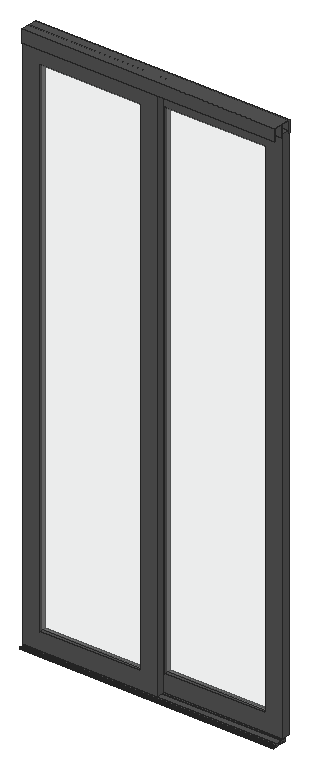
Revit family "Door_FTS RD_The Sliding Door Company_2-Panel Double Track (Double Recessed)", category Doors, host Wall, Revit 2019
Family settings
  Host = Wall
  OmniClass Number = 23.30.10.00
  OmniClass Title = Doors
  Always vertical = Yes
  Cut with Voids When Loaded = No
  Shared = No
  Room Calculation Point = No
Parameters (values of type "FTS Room Divider - 2 Panel 2 Track (Double Recessed) - AB/BA")
  Upper Track Material [instance] = TSDC - Casing/Upper Track - Powder Coated Black
  URL = "https://www.slidingdoorco.com"
  Thickness = 1 1/4"  # constant formula
  Stile and Rail = 3"
  Rough Width = Finished Opening Width + 5/8" * 2  # 46 1/4"
  Rough Height = Order Height + 5/8"  # 99 1/8"
  Panel Width 3" Frame = Width / 2 + 1 1/2"  # 24"
  Panel Width 1 1/2" Frame = Width / 2 + 3/4"  # 23 1/4"
  Panel Height = Height - 2 1/4"  # 96 1/4"
  Open [instance] = no
  Model = "FTS Room Divider - Full Height System"  # constant formula
  Manufacturer = "The Sliding Door Company"  # constant formula
  Limitations = "Panel Width x System Height cannot exceed 7,400 square inches"  # constant formula
  Glass Thickness = "Available in: 5mm Tempered, 7mm,10mm,11mm Laminated Glass"  # constant formula
  Glass Material [instance] = TSDC - Glass - Clear
  Function = Interior
  Height = if(Order Height > 122", 122", Order Height)  # 98 1/2"
  Wall Closure = By host
  Width = if(Finished Opening Width > 101", 101", Finished Opening Width)  # 45"
  Fire Rating = "N/A"  # constant formula
  Finished Opening Width = 45"
  Order Height = Finished Opening Height + 2 1/8" + 3/8"  # 98 1/2"
  Finished Opening Height = 96"
  Door Casing Material [instance] = TSDC - Casing/Upper Track - Powder Coated Black
  Description = "2 Panel System with Double Track (Double Recessed)"  # constant formula
  Contact The Sliding Door Company = "https://www.slidingdoorco.com/contact"
  Construction Type = "Top Mounted, Recessed Upper Track, Recessed Bottom Track"  # constant formula
  Configuration = "AB/BA Configuration"  # constant formula
  Closed [instance] = not(Open)  # yes
  Bottom Track Material [instance] = TSDC - Bottom Track - Powder Coated Black
  Analytic Construction = "<None>"
  3" Frame (No Support Dividers) = "Max. H=122 in., Max. W=101 in. (52 in. panel width)"  # constant formula
  1 1/2" Frame (No Support Dividers) = "Max. H=108 in., Max. W=97 in. (50 in. panel width)"  # constant formula
Reference planes (in)
  plane 1 "Center (Front/Back)": y = 0
  plane 2 "Center (Left/Right)": x = 0
  plane 3 "Top": z = 98.125
  plane 4 "Exterior": y = 6
  plane 5 "Interior": y = -6
  plane 6: x = -22.5
  plane 7: x = 22.5
  plane 8 "2": z = 96.5
  plane 9 "3": z = 97.375
  plane 10 "Top": z = 96
  plane 11 "2": z = 94.375
  plane 12 "3": z = 95.25
  plane 13 "Top": z = 96
  plane 14 "2": z = 94.375
  plane 15 "3": z = 95.25
  plane 16 "Top": z = 80
  plane 17: x = -50
  plane 18: x = 50
  plane 19 "2": z = 78.375
  plane 20 "3": z = 79.25
  plane 21: x = -1.5
  plane 22: x = 1.5
  plane 23 "4": z = 96
  plane 24: z = -0.375
  plane 25: z = 0.25
Forms (in)
  Extrusion 1, solid, material "TSDC - Casing/Upper Track - Powder Coated Black" <- "Upper Track Material"
    sketch origin (0, -3.1543, 0) x (0, 1, 0) y (0, 0, 1)
      loop
        line (4.74219, 98.125) -> (1.56641, 98.125) -> (1.56641, 96) -> (1.625, 96) -> (1.625, 98.06641) -> (3.125, 98.06641) -> (3.125, 96) -> (3.18359, 96) -> (3.18359, 98.06641) -> (4.68359, 98.06641) -> (4.68359, 96) -> (4.74219, 96) -> (4.74219, 98.125)
    from -22.5 to 22.5
  Extrusion 2, solid, material "TSDC - Casing/Upper Track - Powder Coated Black" <- "Door Casing Material", visible <- "Closed"
    sketch origin (47.66587, -1.5957, 0) x (1, 0, 0) y (0, 0, 1)
      loop
        line (-25.16587, 96.5) -> (-49.16587, 96.5) -> (-49.16587, 0.25) -> (-25.16587, 0.25) -> (-25.16587, 96.5)
      loop
        line (-28.16587, 93.5) -> (-46.16587, 93.5) -> (-46.16587, 3.25) -> (-28.16587, 3.25) -> (-28.16587, 93.5)
    from -3 to -1.75
  Extrusion 3, solid, material "TSDC - Glass - Clear" <- "Glass Material", visible <- "Closed"
    sketch origin (47.66587, -2.0957, 0) x (1, 0, 0) y (0, 0, 1)
      loop
        line (-28.16587, 93.5) -> (-46.16587, 93.5) -> (-46.16587, 3.25) -> (-28.16587, 3.25) -> (-28.16587, 93.5)
    from -3 to -2.75
  Extrusion 4, solid, material "TSDC - Casing/Upper Track - Powder Coated Black", not visible
    sketch origin (0, 0.8784, 0.00198) x (0, 1, 0) y (0, 0, 1)
      loop
        line (1.17662, -0.00198) -> (1.7466, -0.00198) -> (1.7466, 0.11422) -> (1.63872, 0.16601) -> (1.5898, 0.16) -> (1.58595, 0.19134) -> (1.49638, 0.23434) -> (1.44746, 0.22833) -> (1.44362, 0.25967) -> (1.35493, 0.30224) -> (1.30601, 0.29623) -> (1.30216, 0.32757) -> (1.21825, 0.36785)
        arc (1.21825, 0.36785) -> (1.19583, 0.37043) -> (1.17662, 0.35859) r 0.03449
        line (1.17662, 0.35859) -> (1.17662, 0.26961) -> (1.14379, 0.26961) -> (1.14379, 0.30227) -> (1.11271, 0.30227) -> (1.11271, 0.05752) -> (1.14379, 0.05752) -> (1.14379, 0.08934) -> (1.17662, 0.08934) -> (1.17662, -0.00198)
      loop
        line (1.6966, 0.05) -> (1.6966, 0.08276) -> (1.2346, 0.30454) -> (1.2346, 0.05) -> (1.6966, 0.05)
    from -50 to 50
  Extrusion 5, solid, material "TSDC - Casing/Upper Track - Powder Coated Black", not visible
    sketch origin (0, 0.8784, 0.00198) x (0, 1, 0) y (0, 0, 1)
      loop
        arc (1.17662, 0.34104) -> (1.17081, 0.35508) -> (1.15677, 0.36093) r 0.01985
        line (1.15677, 0.36093) -> (1.07541, 0.36093)
        arc (1.07541, 0.36093) -> (1.06136, 0.3551) -> (1.05556, 0.34103) r 0.01985
        line (1.05556, 0.34103) -> (1.05556, 0.20299) -> (0.9831, 0.20299) -> (0.9831, 0.28602)
        arc (0.9831, 0.28602) -> (0.87384, 0.39506) -> (0.76472, 0.28588) r 0.10919
        line (0.76472, 0.28588) -> (0.82428, 0.28588)
        arc (0.82428, 0.28588) -> (0.87397, 0.3355) -> (0.92354, 0.28575) r 0.04963
        line (0.92354, 0.28575) -> (0.92354, 0.14753) -> (1.05556, 0.10767) -> (1.05556, 0.05757) -> (0.38753, 0.05757) -> (0.38753, 0.36093) -> (-0.56932, 0.36093) -> (-0.56932, 0.20299) -> (-0.64178, 0.20299) -> (-0.64178, 0.28602)
        arc (-0.64178, 0.28602) -> (-0.75104, 0.39506) -> (-0.86016, 0.28588) r 0.10919
        line (-0.86016, 0.28588) -> (-0.8006, 0.28588)
        arc (-0.8006, 0.28588) -> (-0.75091, 0.3355) -> (-0.70134, 0.28575) r 0.04963
        line (-0.70134, 0.28575) -> (-0.70134, 0.14753) -> (-0.56932, 0.10767) -> (-0.56932, 0.05757) -> (-1.23735, 0.05757) -> (-1.23735, 0.36093) -> (-2.19421, 0.36093) -> (-2.19421, 0.20299) -> (-2.26667, 0.20299) -> (-2.26667, 0.28602)
        arc (-2.26667, 0.28602) -> (-2.37592, 0.39506) -> (-2.48504, 0.28588) r 0.10919
        line (-2.48504, 0.28588) -> (-2.42548, 0.28588)
        arc (-2.42548, 0.28588) -> (-2.37579, 0.3355) -> (-2.32622, 0.28575) r 0.04963
        line (-2.32622, 0.28575) -> (-2.32622, 0.14753) -> (-2.19421, 0.10767) -> (-2.19421, 0.05757) -> (-2.86223, 0.05757) -> (-2.86223, 0.34103)
        arc (-2.86223, 0.34103) -> (-2.86803, 0.3551) -> (-2.88208, 0.36093) r 0.01985
        line (-2.88208, 0.36093) -> (-2.96344, 0.36093)
        arc (-2.96344, 0.36093) -> (-2.97751, 0.35509) -> (-2.9833, 0.341) r 0.01985
        line (-2.9833, 0.341) -> (-2.9833, 0.26961) -> (-2.95059, 0.26961) -> (-2.95059, 0.30227) -> (-2.91939, 0.30227) -> (-2.91939, 0.05752) -> (-2.95046, 0.05752) -> (-2.95046, 0.08934) -> (-2.9833, 0.08934) -> (-2.9833, -0.00198) -> (-2.13705, -0.00198) -> (-2.10598, 0.05752) -> (-2.13705, 0.05752) -> (-2.13705, 0.30227) -> (-1.29451, 0.30227) -> (-1.29451, 0.05752) -> (-1.32558, 0.05752) -> (-1.29451, -0.00198) -> (-0.51217, -0.00198) -> (-0.4811, 0.05752) -> (-0.51217, 0.05752) -> (-0.51217, 0.30227) -> (0.33038, 0.30227) -> (0.33038, 0.05752) -> (0.2993, 0.05752) -> (0.33038, -0.00198) -> (1.17662, -0.00198) -> (1.17662, 0.08934) -> (1.14379, 0.08934) -> (1.14379, 0.05752) -> (1.11271, 0.05752) -> (1.11271, 0.30227) -> (1.14379, 0.30227) -> (1.14379, 0.26961) -> (1.17662, 0.26961) -> (1.17662, 0.34104)
    from -50 to 50
  Extrusion 6, solid, material "TSDC - Casing/Upper Track - Powder Coated Black", not visible
    sketch origin (0, -0.92827, 0.00198) x (0, -1, 0) y (0, 0, -1)
      loop
        line (1.17662, 0.00198) -> (1.17662, -0.08934) -> (1.14379, -0.08934) -> (1.14379, -0.05752) -> (1.11271, -0.05752) -> (1.11271, -0.30227) -> (1.14379, -0.30227) -> (1.14379, -0.26961) -> (1.17662, -0.26961) -> (1.17662, -0.35859)
        arc (1.17662, -0.35859) -> (1.19583, -0.37043) -> (1.21825, -0.36785) r 0.03449
        line (1.21825, -0.36785) -> (1.30216, -0.32757) -> (1.30601, -0.29623) -> (1.35493, -0.30224) -> (1.44362, -0.25967) -> (1.44746, -0.22833) -> (1.49638, -0.23434) -> (1.58595, -0.19134) -> (1.5898, -0.16) -> (1.63872, -0.16601) -> (1.7466, -0.11422) -> (1.7466, 0.00198) -> (1.17662, 0.00198)
      loop
        line (1.6966, -0.05) -> (1.2346, -0.05) -> (1.2346, -0.30454) -> (1.6966, -0.08276) -> (1.6966, -0.05)
    from -50 to 50
  Extrusion 7, solid, material "TSDC - Casing/Upper Track - Powder Coated Black", not visible
    sketch origin (0, 1.25781, 0) x (0, 1, 0) y (0, 0, 1)
      loop
        line (1.74219, 96) -> (-2.99219, 96) -> (-2.99219, 93.875) -> (-2.93359, 93.875) -> (-2.93359, 95.94141) -> (-1.43359, 95.94141) -> (-1.43359, 93.875) -> (-1.375, 93.875) -> (-1.375, 95.94141) -> (0.125, 95.94141) -> (0.125, 93.875) -> (0.18359, 93.875) -> (0.18359, 95.94141) -> (1.68359, 95.94141) -> (1.68359, 93.875) -> (1.74219, 93.875) -> (1.74219, 96)
    from -50 to 50
  Extrusion 8, solid, material "TSDC - Casing/Upper Track - Powder Coated Black", visible <- "Open", not visible
    sketch origin (-18.0008, 2.81641, 0) x (1, 0, 0) y (0, 0, 1)
      loop
        line (2.33413, 94.375) -> (-31.9992, 94.375) -> (-31.9992, 0.625) -> (2.33413, 0.625) -> (2.33413, 94.375)
      loop
        line (0.83413, 92.875) -> (-30.4992, 92.875) -> (-30.4992, 2.125) -> (0.83413, 2.125) -> (0.83413, 92.875)
    from 0 to 1.25
  Extrusion 9, solid, material "TSDC - Glass - Clear", visible <- "Open", not visible
    sketch origin (-18.0008, 2.31641, 0) x (1, 0, 0) y (0, 0, 1)
      loop
        line (0.83413, 92.875) -> (-30.4992, 92.875) -> (-30.4992, 2.125) -> (0.83413, 2.125) -> (0.83413, 92.875)
    from 0 to 0.25
  Extrusion 10, solid, material "TSDC - Casing/Upper Track - Powder Coated Black", visible <- "Open", not visible
    sketch origin (-44.66746, 1.25781, 0) x (1, 0, 0) y (0, 0, 1)
      loop
        line (29.0008, 94.375) -> (-5.33254, 94.375) -> (-5.33254, 0.625) -> (29.0008, 0.625) -> (29.0008, 94.375)
      loop
        line (27.5008, 92.875) -> (-3.83254, 92.875) -> (-3.83254, 2.125) -> (27.5008, 2.125) -> (27.5008, 92.875)
    from 0 to 1.25
  Extrusion 11, solid, material "TSDC - Glass - Clear", visible <- "Open", not visible
    sketch origin (-44.66746, 0.75781, 0) x (1, 0, 0) y (0, 0, 1)
      loop
        line (27.5008, 92.875) -> (-3.83254, 92.875) -> (-3.83254, 2.125) -> (27.5008, 2.125) -> (27.5008, 92.875)
    from 0 to 0.25
  Extrusion 12, solid, material "TSDC - Casing/Upper Track - Powder Coated Black", visible <- "Open", not visible
    sketch origin (-71.33413, -0.30078, 0) x (1, 0, 0) y (0, 0, 1)
      loop
        line (55.66746, 94.375) -> (21.33413, 94.375) -> (21.33413, 0.625) -> (55.66746, 0.625) -> (55.66746, 94.375)
      loop
        line (54.16746, 92.875) -> (22.83413, 92.875) -> (22.83413, 2.125) -> (54.16746, 2.125) -> (54.16746, 92.875)
    from 0 to 1.25
  Extrusion 13, solid, material "TSDC - Glass - Clear", visible <- "Open", not visible
    sketch origin (-71.33413, -0.80078, 0) x (1, 0, 0) y (0, 0, 1)
      loop
        line (54.16746, 92.875) -> (22.83413, 92.875) -> (22.83413, 2.125) -> (54.16746, 2.125) -> (54.16746, 92.875)
    from 0 to 0.25
  Extrusion 14, solid, material "TSDC - Casing/Upper Track - Powder Coated Black", visible <- "Closed", not visible
    sketch origin (-11.83413, 1.25781, 0) x (1, 0, 0) y (0, 0, 1)
      loop
        line (29.0008, 94.375) -> (-5.33254, 94.375) -> (-5.33254, 0.625) -> (29.0008, 0.625) -> (29.0008, 94.375)
      loop
        line (27.5008, 92.875) -> (-3.83254, 92.875) -> (-3.83254, 2.125) -> (27.5008, 2.125) -> (27.5008, 92.875)
    from 0 to 1.25
  Extrusion 15, solid, material "TSDC - Glass - Clear", visible <- "Closed", not visible
    sketch origin (-11.83413, 0.75781, 0) x (1, 0, 0) y (0, 0, 1)
      loop
        line (27.5008, 92.875) -> (-3.83254, 92.875) -> (-3.83254, 2.125) -> (27.5008, 2.125) -> (27.5008, 92.875)
    from 0 to 0.25
  Extrusion 16, solid, material "TSDC - Casing/Upper Track - Powder Coated Black", visible <- "Closed", not visible
    sketch origin (47.66587, 2.81641, 0) x (1, 0, 0) y (0, 0, 1)
      loop
        line (2.33413, 94.375) -> (-31.9992, 94.375) -> (-31.9992, 0.625) -> (2.33413, 0.625) -> (2.33413, 94.375)
      loop
        line (0.83413, 92.875) -> (-30.4992, 92.875) -> (-30.4992, 2.125) -> (0.83413, 2.125) -> (0.83413, 92.875)
    from 0 to 1.25
  Extrusion 17, solid, material "TSDC - Glass - Clear", visible <- "Closed", not visible
    sketch origin (47.66587, 2.31641, 0) x (1, 0, 0) y (0, 0, 1)
      loop
        line (0.83413, 92.875) -> (-30.4992, 92.875) -> (-30.4992, 2.125) -> (0.83413, 2.125) -> (0.83413, 92.875)
    from 0 to 0.25
  Extrusion 18, solid, material "TSDC - Casing/Upper Track - Powder Coated Black", visible <- "Closed", not visible
    sketch origin (-71.33413, -0.30078, 0) x (1, 0, 0) y (0, 0, 1)
      loop
        line (55.66746, 94.375) -> (21.33413, 94.375) -> (21.33413, 0.625) -> (55.66746, 0.625) -> (55.66746, 94.375)
      loop
        line (54.16746, 92.875) -> (22.83413, 92.875) -> (22.83413, 2.125) -> (54.16746, 2.125) -> (54.16746, 92.875)
    from 0 to 1.25
  Extrusion 19, solid, material "TSDC - Glass - Clear", visible <- "Closed", not visible
    sketch origin (-71.33413, -0.80078, 0) x (1, 0, 0) y (0, 0, 1)
      loop
        line (54.16746, 92.875) -> (22.83413, 92.875) -> (22.83413, 2.125) -> (54.16746, 2.125) -> (54.16746, 92.875)
    from 0 to 0.25
  Extrusion 20, solid, material "TSDC - Casing/Upper Track - Powder Coated Black", not visible
    sketch origin (0, 1.25781, 0) x (0, 1, 0) y (0, 0, 1)
      loop
        line (1.74219, 96) -> (-2.99219, 96) -> (-2.99219, 93.875) -> (-2.93359, 93.875) -> (-2.93359, 95.94141) -> (-1.43359, 95.94141) -> (-1.43359, 93.875) -> (-1.375, 93.875) -> (-1.375, 95.94141) -> (0.125, 95.94141) -> (0.125, 93.875) -> (0.18359, 93.875) -> (0.18359, 95.94141) -> (1.68359, 95.94141) -> (1.68359, 93.875) -> (1.74219, 93.875) -> (1.74219, 96)
    from -50 to 50
  Extrusion 21, solid, material "TSDC - Casing/Upper Track - Powder Coated Black", not visible
    sketch origin (0, 1.25781, 0) x (0, 1, 0) y (0, 0, 1)
      loop
        line (1.74219, 96) -> (-2.99219, 96) -> (-2.99219, 93.875) -> (-2.93359, 93.875) -> (-2.93359, 95.94141) -> (-1.43359, 95.94141) -> (-1.43359, 93.875) -> (-1.375, 93.875) -> (-1.375, 95.94141) -> (0.125, 95.94141) -> (0.125, 93.875) -> (0.18359, 93.875) -> (0.18359, 95.94141) -> (1.68359, 95.94141) -> (1.68359, 93.875) -> (1.74219, 93.875) -> (1.74219, 96)
    from -50 to 50
  Extrusion 22, solid, material "TSDC - Casing/Upper Track - Powder Coated Black", not visible
    sketch origin (0, 1.25781, 0) x (0, 1, 0) y (0, 0, 1)
      loop
        line (1.74219, 96) -> (-2.99219, 96) -> (-2.99219, 93.875) -> (-2.93359, 93.875) -> (-2.93359, 95.94141) -> (-1.43359, 95.94141) -> (-1.43359, 93.875) -> (-1.375, 93.875) -> (-1.375, 95.94141) -> (0.125, 95.94141) -> (0.125, 93.875) -> (0.18359, 93.875) -> (0.18359, 95.94141) -> (1.68359, 95.94141) -> (1.68359, 93.875) -> (1.74219, 93.875) -> (1.74219, 96)
    from -50 to 50
  Extrusion 23, solid, material "TSDC - Casing/Upper Track - Powder Coated Black", not visible
    sketch origin (0, 0.8784, 0.00198) x (0, 1, 0) y (0, 0, 1)
      loop
        line (1.17662, -0.00198) -> (1.7466, -0.00198) -> (1.7466, 0.11422) -> (1.63872, 0.16601) -> (1.5898, 0.16) -> (1.58595, 0.19134) -> (1.49638, 0.23434) -> (1.44746, 0.22833) -> (1.44362, 0.25967) -> (1.35493, 0.30224) -> (1.30601, 0.29623) -> (1.30216, 0.32757) -> (1.21825, 0.36785)
        arc (1.21825, 0.36785) -> (1.19583, 0.37043) -> (1.17662, 0.35859) r 0.03449
        line (1.17662, 0.35859) -> (1.17662, 0.26961) -> (1.14379, 0.26961) -> (1.14379, 0.30227) -> (1.11271, 0.30227) -> (1.11271, 0.05752) -> (1.14379, 0.05752) -> (1.14379, 0.08934) -> (1.17662, 0.08934) -> (1.17662, -0.00198)
      loop
        line (1.6966, 0.05) -> (1.6966, 0.08276) -> (1.2346, 0.30454) -> (1.2346, 0.05) -> (1.6966, 0.05)
    from -50 to 50
  Extrusion 24, solid, material "TSDC - Casing/Upper Track - Powder Coated Black", not visible
    sketch origin (0, 0.8784, 0.00198) x (0, 1, 0) y (0, 0, 1)
      loop
        arc (1.17662, 0.34104) -> (1.17081, 0.35508) -> (1.15677, 0.36093) r 0.01985
        line (1.15677, 0.36093) -> (1.07541, 0.36093)
        arc (1.07541, 0.36093) -> (1.06136, 0.3551) -> (1.05556, 0.34103) r 0.01985
        line (1.05556, 0.34103) -> (1.05556, 0.20299) -> (0.9831, 0.20299) -> (0.9831, 0.28602)
        arc (0.9831, 0.28602) -> (0.87384, 0.39506) -> (0.76472, 0.28588) r 0.10919
        line (0.76472, 0.28588) -> (0.82428, 0.28588)
        arc (0.82428, 0.28588) -> (0.87397, 0.3355) -> (0.92354, 0.28575) r 0.04963
        line (0.92354, 0.28575) -> (0.92354, 0.14753) -> (1.05556, 0.10767) -> (1.05556, 0.05757) -> (0.38753, 0.05757) -> (0.38753, 0.36093) -> (-0.56932, 0.36093) -> (-0.56932, 0.20299) -> (-0.64178, 0.20299) -> (-0.64178, 0.28602)
        arc (-0.64178, 0.28602) -> (-0.75104, 0.39506) -> (-0.86016, 0.28588) r 0.10919
        line (-0.86016, 0.28588) -> (-0.8006, 0.28588)
        arc (-0.8006, 0.28588) -> (-0.75091, 0.3355) -> (-0.70134, 0.28575) r 0.04963
        line (-0.70134, 0.28575) -> (-0.70134, 0.14753) -> (-0.56932, 0.10767) -> (-0.56932, 0.05757) -> (-1.23735, 0.05757) -> (-1.23735, 0.36093) -> (-2.19421, 0.36093) -> (-2.19421, 0.20299) -> (-2.26667, 0.20299) -> (-2.26667, 0.28602)
        arc (-2.26667, 0.28602) -> (-2.37592, 0.39506) -> (-2.48504, 0.28588) r 0.10919
        line (-2.48504, 0.28588) -> (-2.42548, 0.28588)
        arc (-2.42548, 0.28588) -> (-2.37579, 0.3355) -> (-2.32622, 0.28575) r 0.04963
        line (-2.32622, 0.28575) -> (-2.32622, 0.14753) -> (-2.19421, 0.10767) -> (-2.19421, 0.05757) -> (-2.86223, 0.05757) -> (-2.86223, 0.34103)
        arc (-2.86223, 0.34103) -> (-2.86803, 0.3551) -> (-2.88208, 0.36093) r 0.01985
        line (-2.88208, 0.36093) -> (-2.96344, 0.36093)
        arc (-2.96344, 0.36093) -> (-2.97751, 0.35509) -> (-2.9833, 0.341) r 0.01985
        line (-2.9833, 0.341) -> (-2.9833, 0.26961) -> (-2.95059, 0.26961) -> (-2.95059, 0.30227) -> (-2.91939, 0.30227) -> (-2.91939, 0.05752) -> (-2.95046, 0.05752) -> (-2.95046, 0.08934) -> (-2.9833, 0.08934) -> (-2.9833, -0.00198) -> (-2.13705, -0.00198) -> (-2.10598, 0.05752) -> (-2.13705, 0.05752) -> (-2.13705, 0.30227) -> (-1.29451, 0.30227) -> (-1.29451, 0.05752) -> (-1.32558, 0.05752) -> (-1.29451, -0.00198) -> (-0.51217, -0.00198) -> (-0.4811, 0.05752) -> (-0.51217, 0.05752) -> (-0.51217, 0.30227) -> (0.33038, 0.30227) -> (0.33038, 0.05752) -> (0.2993, 0.05752) -> (0.33038, -0.00198) -> (1.17662, -0.00198) -> (1.17662, 0.08934) -> (1.14379, 0.08934) -> (1.14379, 0.05752) -> (1.11271, 0.05752) -> (1.11271, 0.30227) -> (1.14379, 0.30227) -> (1.14379, 0.26961) -> (1.17662, 0.26961) -> (1.17662, 0.34104)
    from -50 to 50
  Extrusion 25, solid, material "TSDC - Casing/Upper Track - Powder Coated Black", not visible
    sketch origin (0, -0.92827, 0.00198) x (0, -1, 0) y (0, 0, -1)
      loop
        line (1.17662, 0.00198) -> (1.17662, -0.08934) -> (1.14379, -0.08934) -> (1.14379, -0.05752) -> (1.11271, -0.05752) -> (1.11271, -0.30227) -> (1.14379, -0.30227) -> (1.14379, -0.26961) -> (1.17662, -0.26961) -> (1.17662, -0.35859)
        arc (1.17662, -0.35859) -> (1.19583, -0.37043) -> (1.21825, -0.36785) r 0.03449
        line (1.21825, -0.36785) -> (1.30216, -0.32757) -> (1.30601, -0.29623) -> (1.35493, -0.30224) -> (1.44362, -0.25967) -> (1.44746, -0.22833) -> (1.49638, -0.23434) -> (1.58595, -0.19134) -> (1.5898, -0.16) -> (1.63872, -0.16601) -> (1.7466, -0.11422) -> (1.7466, 0.00198) -> (1.17662, 0.00198)
      loop
        line (1.6966, -0.05) -> (1.2346, -0.05) -> (1.2346, -0.30454) -> (1.6966, -0.08276) -> (1.6966, -0.05)
    from -50 to 50
  Extrusion 26, solid, material "TSDC - Casing/Upper Track - Powder Coated Black", not visible
    sketch origin (0, 1.25781, -16) x (0, 1, 0) y (0, 0, 1)
      loop
        line (1.74219, 96) -> (-2.99219, 96) -> (-2.99219, 93.875) -> (-2.93359, 93.875) -> (-2.93359, 95.94141) -> (-1.43359, 95.94141) -> (-1.43359, 93.875) -> (-1.375, 93.875) -> (-1.375, 95.94141) -> (0.125, 95.94141) -> (0.125, 93.875) -> (0.18359, 93.875) -> (0.18359, 95.94141) -> (1.68359, 95.94141) -> (1.68359, 93.875) -> (1.74219, 93.875) -> (1.74219, 96)
    from -50 to 50
  Extrusion 27, solid, material "TSDC - Casing/Upper Track - Powder Coated Black" <- "Door Casing Material", visible <- "Closed"
    sketch origin (-47.66587, -3.1543, 0) x (-1, 0, 0) y (0, 0, -1)
      loop
        line (-25.16587, -96.5) -> (-25.16587, -0.25) -> (-49.16587, -0.25) -> (-49.16587, -96.5) -> (-25.16587, -96.5)
      loop
        line (-28.16587, -93.5) -> (-28.16587, -3.25) -> (-46.16587, -3.25) -> (-46.16587, -93.5) -> (-28.16587, -93.5)
    from -3 to -1.75
  Extrusion 28, solid, material "TSDC - Glass - Clear" <- "Glass Material", visible <- "Closed"
    sketch origin (-47.66587, -3.6543, 0) x (-1, 0, 0) y (0, 0, -1)
      loop
        line (-28.16587, -93.5) -> (-28.16587, -3.25) -> (-46.16587, -3.25) -> (-46.16587, -93.5) -> (-28.16587, -93.5)
    from -3 to -2.75
  Extrusion 29, solid, material "TSDC - Bottom Track - Powder Coated Black" <- "Bottom Track Material"
    sketch origin (0, -0.53371, -0.37302) x (0, 1, 0) y (0, 0, 1)
      loop
        line (1.17662, 0.26961) -> (1.17662, 0.34104)
        arc (1.17662, 0.34104) -> (1.17081, 0.35508) -> (1.15677, 0.36089) r 0.01985
        line (1.15677, 0.36089) -> (1.07541, 0.36093)
        arc (1.07541, 0.36093) -> (1.06136, 0.3551) -> (1.05556, 0.34103) r 0.01985
        line (1.05556, 0.34103) -> (1.05556, 0.20299) -> (0.9831, 0.20299) -> (0.9831, 0.28602)
        arc (0.9831, 0.28602) -> (0.87384, 0.39506) -> (0.76472, 0.28588) r 0.10919
        line (0.76472, 0.28588) -> (0.82428, 0.28588)
        arc (0.82428, 0.28588) -> (0.87397, 0.3355) -> (0.92354, 0.28575) r 0.04963
        line (0.92354, 0.28575) -> (0.92354, 0.14753) -> (1.05556, 0.10767) -> (1.05556, 0.05757) -> (0.38753, 0.05757) -> (0.38753, 0.36093) -> (-0.56932, 0.36093) -> (-0.56932, 0.20299) -> (-0.64178, 0.20299) -> (-0.64178, 0.28602)
        arc (-0.64178, 0.28602) -> (-0.75104, 0.39506) -> (-0.86016, 0.28588) r 0.10919
        line (-0.86016, 0.28588) -> (-0.8006, 0.28588)
        arc (-0.8006, 0.28588) -> (-0.75091, 0.3355) -> (-0.70134, 0.28575) r 0.04963
        line (-0.70134, 0.28575) -> (-0.70134, 0.14753) -> (-0.56932, 0.10767) -> (-0.56932, 0.05757) -> (-1.23735, 0.05757) -> (-1.23735, 0.34103)
        arc (-1.23735, 0.34103) -> (-1.24315, 0.3551) -> (-1.2572, 0.36093) r 0.01985
        line (-1.2572, 0.36093) -> (-1.33856, 0.36093)
        arc (-1.33856, 0.36093) -> (-1.35263, 0.35509) -> (-1.35841, 0.341) r 0.01985
        line (-1.35841, 0.341) -> (-1.35841, 0.26961) -> (-1.32571, 0.26961) -> (-1.32571, 0.30227) -> (-1.29451, 0.30227) -> (-1.29451, 0.05752) -> (-1.32558, 0.05752) -> (-1.32558, 0.08934) -> (-1.35841, 0.08934) -> (-1.35841, -0.00198) -> (-0.51217, -0.00198) -> (-0.4811, 0.05752) -> (-0.51217, 0.05752) -> (-0.51217, 0.30227) -> (0.33038, 0.30227) -> (0.33038, 0.05752) -> (0.2993, 0.05752) -> (0.33038, -0.00198) -> (1.17662, -0.00198) -> (1.17662, 0.08934) -> (1.14379, 0.08934) -> (1.14379, 0.05752) -> (1.11271, 0.05752) -> (1.11271, 0.30227) -> (1.14379, 0.30227) -> (1.14379, 0.26961) -> (1.17662, 0.26961)
    from -22.5 to 22.5
  Extrusion 30, solid, material "TSDC - Casing/Upper Track - Powder Coated Black" <- "Door Casing Material", visible <- "Open"
    sketch origin (-1.33413, -1.5957, 0) x (1, 0, 0) y (0, 0, 1)
      loop
        line (2.83413, 96.5) -> (-21.16587, 96.5) -> (-21.16587, 0.25) -> (2.83413, 0.25) -> (2.83413, 96.5)
      loop
        line (-0.16587, 93.5) -> (-18.16587, 93.5) -> (-18.16587, 3.25) -> (-0.16587, 3.25) -> (-0.16587, 93.5)
    from -3 to -1.75
  Extrusion 31, solid, material "TSDC - Glass - Clear" <- "Glass Material", visible <- "Open"
    sketch origin (-1.33413, -2.0957, 0) x (1, 0, 0) y (0, 0, 1)
      loop
        line (-0.16587, 93.5) -> (-18.16587, 93.5) -> (-18.16587, 3.25) -> (-0.16587, 3.25) -> (-0.16587, 93.5)
    from -3 to -2.75
  Extrusion 32, solid, material "TSDC - Casing/Upper Track - Powder Coated Black" <- "Door Casing Material", visible <- "Open"
    sketch origin (-1.33413, -3.1543, 0) x (1, 0, 0) y (0, 0, 1)
      loop
        line (2.83413, 96.5) -> (-21.16587, 96.5) -> (-21.16587, 0.25) -> (2.83413, 0.25) -> (2.83413, 96.5)
      loop
        line (-0.16587, 93.5) -> (-18.16587, 93.5) -> (-18.16587, 3.25) -> (-0.16587, 3.25) -> (-0.16587, 93.5)
    from -3 to -1.75
  Extrusion 33, solid, material "TSDC - Glass - Clear" <- "Glass Material", visible <- "Open"
    sketch origin (-1.33413, -3.6543, 0) x (1, 0, 0) y (0, 0, 1)
      loop
        line (-0.16587, 93.5) -> (-18.16587, 93.5) -> (-18.16587, 3.25) -> (-0.16587, 3.25) -> (-0.16587, 93.5)
    from -3 to -2.75
Lines and regions (in)
  Opening 1
    outline origin (-60, -6, 0) x (1, 0, 0) y (0, 0, 1)
      loop
        line (82.5, 0) -> (82.5, 96) -> (37.5, 96) -> (37.5, 0) -> (82.5, 0)
Text (in)
  text "Exterior" at (-165.54235, 27.31104, 0), in view "Ref. Level"
  text "Interior" at (-165.54235, -25.14366, 0), in view "Ref. Level"
  text "Exterior" at (0, 40.15149, 123.01588), in view "Right"
  text "Interior" at (0, -64.39139, 123.01588), in view "Right"
  text "Interior" at (0, -31.01599, 123.00693), in view "Left"
  text "Exterior" at (0, 54.57065, 123.00693), in view "Left"
Dimensions and locks (in)
  locked: plane 8 "2" to plane 3 "Top" at 1.625
  equal spacing: plane 6, plane 2 "Center (Left/Right)", plane 7
  locked: plane 9 "3" to plane 3 "Top" at 0.75
  "Stile and Rail": Extrusion 2 to Extrusion 2  (x4)
  "Height": plane 24 to plane 3 "Top"
  "Width": plane 6 to plane 7
  "Stile and Rail": Extrusion 27 to Extrusion 27  (x4)
  equal spacing: Extrusion 2, plane 2 "Center (Left/Right)", Extrusion 2
  equal spacing: Extrusion 27, plane 2 "Center (Left/Right)", Extrusion 27
  plane 21 to plane 22 = 3"  (x2)
  Extrusion 27 to Extrusion 27 = 24"
  Extrusion 2 to Extrusion 2 = 24"
  "Stile and Rail": Extrusion 30 to Extrusion 30  (x4)
  equal spacing: Extrusion 30, plane 2 "Center (Left/Right)", Extrusion 30
  "Stile and Rail": Extrusion 32 to Extrusion 32  (x4)
  equal spacing: Extrusion 32, plane 2 "Center (Left/Right)", Extrusion 32
  Extrusion 30 to Extrusion 30 = 24"
  locked: plane 23 "4" to plane 3 "Top" at 2.125
  level to Extrusion 1 = 96"
  locked: plane 24 to level at 0.375
  aligned and locked: plane 4 "Exterior" to host wall
  aligned and locked: host wall to plane 5 "Interior"
  aligned and locked: Extrusion 1 to plane 6
  aligned and locked: plane 7 to Extrusion 1
  aligned and locked: Extrusion 3 to Extrusion 2  (x4)
  aligned and locked: Opening 1 sketch curve to Extrusion 1
  aligned and locked: Extrusion 27 to Extrusion 28
  aligned and locked: Extrusion 28 to Extrusion 27
  aligned and locked: Extrusion 28 to Extrusion 2
  aligned and locked: Extrusion 31 to Extrusion 30  (x4)
  aligned and locked: Extrusion 33 to Extrusion 32  (x4)
  aligned and locked: Opening 1 sketch curve to plane 6
  aligned and locked: host wall to Extrusion 29  (x2)
  aligned and locked: plane 23 "4" to Opening 1 sketch curve
  aligned and locked: Extrusion 30 to plane 25
  aligned and locked: Extrusion 2 to Extrusion 30
  aligned and locked: Extrusion 2 to Extrusion 32
  aligned and locked: Extrusion 2 to Extrusion 27
  aligned and locked: Extrusion 2 to Extrusion 28
Automatic sketch dimensions
  Extrusion 4 sketch curve to Extrusion 4 sketch curve = 0.03107"  (x2)
  Extrusion 4 sketch curve to Extrusion 4 sketch curve = 0.03284"  (x2)
  Extrusion 4 sketch curve to Extrusion 4 sketch curve = 0.0267"
  Extrusion 4 sketch curve to Extrusion 4 sketch curve = 0.01493"
  Extrusion 4 sketch curve to Extrusion 4 sketch curve = 0.05797"
  Extrusion 4 sketch curve to Extrusion 4 sketch curve = 0.06757"
  Extrusion 4 sketch curve to Extrusion 4 sketch curve = 0.00385"  (x3)
  Extrusion 4 sketch curve to Extrusion 4 sketch curve = 0.04892"  (x3)
  Extrusion 4 sketch curve to Extrusion 4 sketch curve = 0.08869"
  Extrusion 4 sketch curve to Extrusion 4 sketch curve = 0.08957"
  Extrusion 4 sketch curve to Extrusion 4 sketch curve = 0.05788"
  Extrusion 4 sketch curve to Extrusion 4 sketch curve = 0.05"
  Extrusion 4 sketch curve to Extrusion 4 sketch curve = 0.03276"
  Extrusion 4 sketch curve to Extrusion 4 sketch curve = 0.03182"
  Extrusion 4 sketch curve to Extrusion 4 sketch curve = 0.03146"
  Extrusion 4 sketch curve to Extrusion 4 sketch curve = 0.00601"  (x3)
  Extrusion 4 sketch curve to Extrusion 4 sketch curve = 0.09824"
  Extrusion 4 sketch curve to Extrusion 4 sketch curve = 0.03266"
  Extrusion 4 sketch curve to Extrusion 4 sketch curve = 0.06331"
  Extrusion 4 sketch curve to Extrusion 4 sketch curve = 0.03109"
  Extrusion 5 sketch curve to Extrusion 5 sketch curve = 0"  (x25)
  Extrusion 5 sketch curve to Extrusion 5 sketch curve = 0.01985"  (x3)
  Extrusion 5 sketch curve to Extrusion 5 sketch curve = 0.03271"
  Extrusion 5 sketch curve to Extrusion 5 sketch curve = 0.03284"  (x3)
  Extrusion 5 sketch curve to Extrusion 5 sketch curve = 0.03107"  (x9)
  Extrusion 5 sketch curve to Extrusion 5 sketch curve = 0.0373"
  Extrusion 5 sketch curve to Extrusion 5 sketch curve = 0.37719"  (x3)
  Extrusion 5 sketch curve to Extrusion 5 sketch curve = 0.05956"  (x6)
  Extrusion 5 sketch curve to Extrusion 5 sketch curve = 0.04963"  (x6)
  Extrusion 5 sketch curve to Extrusion 5 sketch curve = 0.07246"  (x4)
  Extrusion 5 sketch curve to Extrusion 5 sketch curve = 0.05716"  (x5)
  Extrusion 5 sketch curve to Extrusion 5 sketch curve = 0.7804"  (x2)
  Extrusion 5 sketch curve to Extrusion 5 sketch curve = 0.01299"
  Extrusion 5 sketch curve to Extrusion 5 sketch curve = 0.00005"  (x5)
  Extrusion 5 sketch curve to Extrusion 5 sketch curve = 0.03182"  (x2)
  Extrusion 5 sketch curve to Extrusion 5 sketch curve = 0.0501"  (x3)
  Extrusion 5 sketch curve to Extrusion 5 sketch curve = 0.03986"  (x2)
  Extrusion 5 sketch curve to Extrusion 5 sketch curve = 0.09532"  (x2)
  Extrusion 5 sketch curve to Extrusion 5 sketch curve = 0.05547"  (x2)
  Extrusion 5 sketch curve to Extrusion 5 sketch curve = 0.06662"
  Extrusion 5 sketch curve to Extrusion 5 sketch curve = 0.08276"  (x3)
  Extrusion 5 sketch curve to Extrusion 5 sketch curve = 0.00012"  (x3)
  Extrusion 5 sketch curve to Extrusion 5 sketch curve = 0.03266"  (x2)
  Extrusion 5 sketch curve to Extrusion 5 sketch curve = 0.24475"
  Extrusion 5 sketch curve to Extrusion 5 sketch curve = 0.09928"
  Extrusion 5 sketch curve to Extrusion 5 sketch curve = 0.03873"
  Extrusion 5 sketch curve to Extrusion 5 sketch curve = 0.03876"  (x2)
  Extrusion 5 sketch curve to Extrusion 5 sketch curve = 0.03877"
  Extrusion 5 sketch curve to Extrusion 5 sketch curve = 0.00007"
  Extrusion 5 sketch curve to Extrusion 5 sketch curve = 0.05866"  (x2)
  Extrusion 6 sketch curve to Extrusion 6 sketch curve = 0.03107"  (x2)
  Extrusion 6 sketch curve to Extrusion 6 sketch curve = 0.03284"  (x2)
  Extrusion 6 sketch curve to Extrusion 6 sketch curve = 0.0267"
  Extrusion 6 sketch curve to Extrusion 6 sketch curve = 0.01493"
  Extrusion 6 sketch curve to Extrusion 6 sketch curve = 0.05797"
  Extrusion 6 sketch curve to Extrusion 6 sketch curve = 0.06757"
  Extrusion 6 sketch curve to Extrusion 6 sketch curve = 0.00385"  (x3)
  Extrusion 6 sketch curve to Extrusion 6 sketch curve = 0.04892"  (x3)
  Extrusion 6 sketch curve to Extrusion 6 sketch curve = 0.08869"
  Extrusion 6 sketch curve to Extrusion 6 sketch curve = 0.08957"
  Extrusion 6 sketch curve to Extrusion 6 sketch curve = 0.05788"
  Extrusion 6 sketch curve to Extrusion 6 sketch curve = 0.05"
  Extrusion 6 sketch curve to Extrusion 6 sketch curve = 0.00926"
  Extrusion 6 sketch curve to Extrusion 6 sketch curve = 0.03134"  (x3)
  Extrusion 6 sketch curve to Extrusion 6 sketch curve = 0.03222"
  Extrusion 6 sketch curve to Extrusion 6 sketch curve = 0.05632"
  Extrusion 6 sketch curve to Extrusion 6 sketch curve = 0.03266"
  Extrusion 6 sketch curve to Extrusion 6 sketch curve = 0.06422"
  Extrusion 6 sketch curve to Extrusion 6 sketch curve = 0.03182"
  Extrusion 6 sketch curve to Extrusion 6 sketch curve = 0.03276"
  Extrusion 4 sketch curve to Extrusion 4 sketch curve = 0.05198"
  Extrusion 4 sketch curve to Extrusion 4 sketch curve = 0.05951"
  Extrusion 4 sketch curve to Extrusion 4 sketch curve = 0.07724"
  Extrusion 4 sketch curve to Extrusion 4 sketch curve = 0.03699"
  Extrusion 4 sketch curve to Extrusion 4 sketch curve = 0.18027"
  Extrusion 4 sketch curve to Extrusion 4 sketch curve = 0.00831"
  Extrusion 5 sketch curve to Extrusion 5 sketch curve = 0.05951"  (x6)
  Extrusion 5 sketch curve to Extrusion 5 sketch curve = 0.18027"
  Extrusion 6 sketch curve to Extrusion 6 sketch curve = 0.02303"
  Extrusion 6 sketch curve to Extrusion 6 sketch curve = 0.04257"
  Extrusion 6 sketch curve to Extrusion 6 sketch curve = 0.043"
  Extrusion 6 sketch curve to Extrusion 6 sketch curve = 0.05179"
  Extrusion 6 sketch curve to Extrusion 6 sketch curve = 0.03934"
  Extrusion 6 sketch curve to Extrusion 6 sketch curve = 0.05198"
  Extrusion 7 sketch curve to Extrusion 7 sketch curve = 15/256"  (x5)
  Extrusion 7 sketch curve to Extrusion 7 sketch curve = 0"  (x5)
  Extrusion 7 sketch curve to Extrusion 7 sketch curve = 1 1/2"  (x3)
  Extrusion 7 sketch curve to Extrusion 7 sketch curve = 2 17/256"
  Extrusion 8 sketch curve to Extrusion 8 sketch curve = 1 1/2"  (x4)
  Extrusion 8 sketch curve to Extrusion 8 sketch curve = 31.33333"
  Extrusion 8 sketch curve to Extrusion 8 sketch curve = 90 3/4"
  Extrusion 9 sketch curve to Extrusion 9 sketch curve = 31.33333"
  Extrusion 9 sketch curve to Extrusion 9 sketch curve = 90 3/4"
  Extrusion 10 sketch curve to Extrusion 10 sketch curve = 1 1/2"  (x4)
  Extrusion 10 sketch curve to Extrusion 10 sketch curve = 31.33333"
  Extrusion 10 sketch curve to Extrusion 10 sketch curve = 90 3/4"
  Extrusion 11 sketch curve to Extrusion 11 sketch curve = 31.33333"
  Extrusion 11 sketch curve to Extrusion 11 sketch curve = 90 3/4"
  Extrusion 12 sketch curve to Extrusion 12 sketch curve = 1 1/2"  (x4)
  Extrusion 12 sketch curve to Extrusion 12 sketch curve = 31.33333"
  Extrusion 12 sketch curve to Extrusion 12 sketch curve = 90 3/4"
  Extrusion 13 sketch curve to Extrusion 13 sketch curve = 31.33333"
  Extrusion 13 sketch curve to Extrusion 13 sketch curve = 90 3/4"
  Extrusion 14 sketch curve to Extrusion 14 sketch curve = 1 1/2"  (x4)
  Extrusion 14 sketch curve to Extrusion 14 sketch curve = 31.33333"
  Extrusion 14 sketch curve to Extrusion 14 sketch curve = 90 3/4"
  Extrusion 15 sketch curve to Extrusion 15 sketch curve = 31.33333"
  Extrusion 15 sketch curve to Extrusion 15 sketch curve = 90 3/4"
  Extrusion 16 sketch curve to Extrusion 16 sketch curve = 1 1/2"  (x4)
  Extrusion 16 sketch curve to Extrusion 16 sketch curve = 31.33333"
  Extrusion 16 sketch curve to Extrusion 16 sketch curve = 90 3/4"
  Extrusion 17 sketch curve to Extrusion 17 sketch curve = 31.33333"
  Extrusion 17 sketch curve to Extrusion 17 sketch curve = 90 3/4"
  Extrusion 18 sketch curve to Extrusion 18 sketch curve = 1 1/2"  (x4)
  Extrusion 18 sketch curve to Extrusion 18 sketch curve = 31.33333"
  Extrusion 18 sketch curve to Extrusion 18 sketch curve = 90 3/4"
  Extrusion 19 sketch curve to Extrusion 19 sketch curve = 31.33333"
  Extrusion 19 sketch curve to Extrusion 19 sketch curve = 90 3/4"
  Extrusion 20 sketch curve to Extrusion 20 sketch curve = 15/256"  (x5)
  Extrusion 20 sketch curve to Extrusion 20 sketch curve = 0"  (x5)
  Extrusion 20 sketch curve to Extrusion 20 sketch curve = 1 1/2"  (x3)
  Extrusion 20 sketch curve to Extrusion 20 sketch curve = 2 17/256"
  plane 11 "2" to Extrusion 21 sketch curve = 1/2"  (x4)
  Extrusion 21 sketch curve to Extrusion 21 sketch curve = 15/256"  (x4)
  plane 10 "Top" to Extrusion 21 sketch curve = 15/256"  (x2)
  Extrusion 21 sketch curve to Extrusion 21 sketch curve = 0"
  Extrusion 21 sketch curve to plane 10 "Top" = 0"
  Extrusion 21 sketch curve to Extrusion 21 sketch curve = 1 1/2"  (x3)
  plane 14 "2" to Extrusion 22 sketch curve = 1/2"  (x4)
  Extrusion 22 sketch curve to Extrusion 22 sketch curve = 15/256"  (x4)
  plane 13 "Top" to Extrusion 22 sketch curve = 15/256"  (x2)
  Extrusion 22 sketch curve to Extrusion 22 sketch curve = 0"
  Extrusion 22 sketch curve to plane 13 "Top" = 0"
  Extrusion 22 sketch curve to Extrusion 22 sketch curve = 1 1/2"  (x3)
  Extrusion 23 sketch curve to Extrusion 23 sketch curve = 0.03107"  (x2)
  Extrusion 23 sketch curve to Extrusion 23 sketch curve = 0.03284"  (x2)
  Extrusion 23 sketch curve to Extrusion 23 sketch curve = 0.0267"
  Extrusion 23 sketch curve to Extrusion 23 sketch curve = 0.01493"
  Extrusion 23 sketch curve to Extrusion 23 sketch curve = 0.05797"
  Extrusion 23 sketch curve to Extrusion 23 sketch curve = 0.06757"
  Extrusion 23 sketch curve to Extrusion 23 sketch curve = 0.00385"  (x3)
  Extrusion 23 sketch curve to Extrusion 23 sketch curve = 0.04892"  (x3)
  Extrusion 23 sketch curve to Extrusion 23 sketch curve = 0.08869"
  Extrusion 23 sketch curve to Extrusion 23 sketch curve = 0.08957"
  Extrusion 23 sketch curve to Extrusion 23 sketch curve = 0.05788"
  Extrusion 23 sketch curve to Extrusion 23 sketch curve = 0.05"
  Extrusion 23 sketch curve to Extrusion 23 sketch curve = 0.03276"
  Extrusion 23 sketch curve to Extrusion 23 sketch curve = 0.03182"
  Extrusion 23 sketch curve to Extrusion 23 sketch curve = 0.03146"
  Extrusion 23 sketch curve to Extrusion 23 sketch curve = 0.00601"  (x3)
  Extrusion 23 sketch curve to Extrusion 23 sketch curve = 0.09824"
  Extrusion 23 sketch curve to Extrusion 23 sketch curve = 0.03266"
  Extrusion 23 sketch curve to Extrusion 23 sketch curve = 0.06331"
  Extrusion 23 sketch curve to Extrusion 23 sketch curve = 0.03109"
  Extrusion 24 sketch curve to Extrusion 24 sketch curve = 0"  (x25)
  Extrusion 24 sketch curve to Extrusion 24 sketch curve = 0.01985"  (x3)
  Extrusion 24 sketch curve to Extrusion 24 sketch curve = 0.03271"
  Extrusion 24 sketch curve to Extrusion 24 sketch curve = 0.03284"  (x3)
  Extrusion 24 sketch curve to Extrusion 24 sketch curve = 0.03107"  (x9)
  Extrusion 24 sketch curve to Extrusion 24 sketch curve = 0.0373"
  Extrusion 24 sketch curve to Extrusion 24 sketch curve = 0.37719"  (x3)
  Extrusion 24 sketch curve to Extrusion 24 sketch curve = 0.05956"  (x6)
  Extrusion 24 sketch curve to Extrusion 24 sketch curve = 0.04963"  (x6)
  Extrusion 24 sketch curve to Extrusion 24 sketch curve = 0.07246"  (x4)
  Extrusion 24 sketch curve to Extrusion 24 sketch curve = 0.05716"  (x5)
  Extrusion 24 sketch curve to Extrusion 24 sketch curve = 0.7804"  (x2)
  Extrusion 24 sketch curve to Extrusion 24 sketch curve = 0.01299"
  Extrusion 24 sketch curve to Extrusion 24 sketch curve = 0.00005"  (x5)
  Extrusion 24 sketch curve to Extrusion 24 sketch curve = 0.03182"  (x2)
  Extrusion 24 sketch curve to Extrusion 24 sketch curve = 0.0501"  (x3)
  Extrusion 24 sketch curve to Extrusion 24 sketch curve = 0.03986"  (x2)
  Extrusion 24 sketch curve to Extrusion 24 sketch curve = 0.09532"  (x2)
  Extrusion 24 sketch curve to Extrusion 24 sketch curve = 0.05547"  (x2)
  Extrusion 24 sketch curve to Extrusion 24 sketch curve = 0.06662"
  Extrusion 24 sketch curve to Extrusion 24 sketch curve = 0.08276"  (x3)
  Extrusion 24 sketch curve to Extrusion 24 sketch curve = 0.00012"  (x3)
  Extrusion 24 sketch curve to Extrusion 24 sketch curve = 0.03266"  (x2)
  Extrusion 24 sketch curve to Extrusion 24 sketch curve = 0.24475"
  Extrusion 24 sketch curve to Extrusion 24 sketch curve = 0.09928"
  Extrusion 24 sketch curve to Extrusion 24 sketch curve = 0.03873"
  Extrusion 24 sketch curve to Extrusion 24 sketch curve = 0.03876"  (x2)
  Extrusion 24 sketch curve to Extrusion 24 sketch curve = 0.03877"
  Extrusion 24 sketch curve to Extrusion 24 sketch curve = 0.00007"
  Extrusion 24 sketch curve to Extrusion 24 sketch curve = 0.05866"  (x2)
  Extrusion 25 sketch curve to Extrusion 25 sketch curve = 0.03107"  (x2)
  Extrusion 25 sketch curve to Extrusion 25 sketch curve = 0.03284"  (x2)
  Extrusion 25 sketch curve to Extrusion 25 sketch curve = 0.0267"
  Extrusion 25 sketch curve to Extrusion 25 sketch curve = 0.01493"
  Extrusion 25 sketch curve to Extrusion 25 sketch curve = 0.05797"
  Extrusion 25 sketch curve to Extrusion 25 sketch curve = 0.06757"
  Extrusion 25 sketch curve to Extrusion 25 sketch curve = 0.00385"  (x3)
  Extrusion 25 sketch curve to Extrusion 25 sketch curve = 0.04892"  (x3)
  Extrusion 25 sketch curve to Extrusion 25 sketch curve = 0.08869"
  Extrusion 25 sketch curve to Extrusion 25 sketch curve = 0.08957"
  Extrusion 25 sketch curve to Extrusion 25 sketch curve = 0.05788"
  Extrusion 25 sketch curve to Extrusion 25 sketch curve = 0.05"
  Extrusion 25 sketch curve to Extrusion 25 sketch curve = 0.00926"
  Extrusion 25 sketch curve to Extrusion 25 sketch curve = 0.03134"  (x3)
  Extrusion 25 sketch curve to Extrusion 25 sketch curve = 0.03222"
  Extrusion 25 sketch curve to Extrusion 25 sketch curve = 0.05632"
  Extrusion 25 sketch curve to Extrusion 25 sketch curve = 0.03266"
  Extrusion 25 sketch curve to Extrusion 25 sketch curve = 0.06422"
  Extrusion 25 sketch curve to Extrusion 25 sketch curve = 0.03182"
  Extrusion 25 sketch curve to Extrusion 25 sketch curve = 0.03276"
  Extrusion 23 sketch curve to Extrusion 23 sketch curve = 0.05198"
  Extrusion 23 sketch curve to Extrusion 23 sketch curve = 0.05951"
  Extrusion 23 sketch curve to Extrusion 23 sketch curve = 0.07724"
  Extrusion 23 sketch curve to Extrusion 23 sketch curve = 0.03699"
  Extrusion 23 sketch curve to Extrusion 23 sketch curve = 0.18027"
  Extrusion 23 sketch curve to Extrusion 23 sketch curve = 0.00831"
  Extrusion 24 sketch curve to Extrusion 24 sketch curve = 0.05951"  (x6)
  Extrusion 24 sketch curve to Extrusion 24 sketch curve = 0.18027"
  Extrusion 25 sketch curve to Extrusion 25 sketch curve = 0.02303"
  Extrusion 25 sketch curve to Extrusion 25 sketch curve = 0.04257"
  Extrusion 25 sketch curve to Extrusion 25 sketch curve = 0.043"
  Extrusion 25 sketch curve to Extrusion 25 sketch curve = 0.05179"
  Extrusion 25 sketch curve to Extrusion 25 sketch curve = 0.03934"
  Extrusion 25 sketch curve to Extrusion 25 sketch curve = 0.05198"
  plane 19 "2" to Extrusion 26 sketch curve = 1/2"  (x4)
  Extrusion 26 sketch curve to Extrusion 26 sketch curve = 15/256"  (x4)
  plane 16 "Top" to Extrusion 26 sketch curve = 15/256"  (x2)
  Extrusion 26 sketch curve to Extrusion 26 sketch curve = 0"
  Extrusion 26 sketch curve to plane 16 "Top" = 0"
  Extrusion 26 sketch curve to Extrusion 26 sketch curve = 1 1/2"  (x3)
  plane 3 "Top" to Extrusion 1 sketch curve = 0"
  Extrusion 1 sketch curve to Extrusion 1 sketch curve = 15/256"  (x3)
  plane 3 "Top" to Extrusion 1 sketch curve = 15/256"  (x2)
  Extrusion 1 sketch curve to Extrusion 1 sketch curve = 1 1/2"  (x2)
  plane 8 "2" to Extrusion 1 sketch curve = 1/2"  (x3)
  Extrusion 2 sketch curve to plane 8 "2" = 0"
  Extrusion 2 sketch curve to plane 7 = 0"
  Extrusion 2 sketch curve to plane 7 = 3"
  plane 2 "Center (Left/Right)" to Extrusion 2 sketch curve = 1 1/2"
  Extrusion 2 sketch curve to plane 2 "Center (Left/Right)" = 1 1/2"
  plane 8 "2" to Extrusion 2 sketch curve = 3"
  plane 2 "Center (Left/Right)" to Extrusion 3 sketch curve = 1 1/2"
  Extrusion 3 sketch curve to plane 7 = 3"
  plane 8 "2" to Extrusion 3 sketch curve = 3"
  Opening 1 sketch curve to level = 0"
  Extrusion 27 sketch curve to plane 8 "2" = 0"
  Extrusion 27 sketch curve to plane 6 = 0"
  plane 6 to Extrusion 27 sketch curve = 3"
  Extrusion 27 sketch curve to plane 2 "Center (Left/Right)" = 1 1/2"
  plane 2 "Center (Left/Right)" to Extrusion 27 sketch curve = 1 1/2"
  plane 8 "2" to Extrusion 27 sketch curve = 3"
  Extrusion 28 sketch curve to plane 2 "Center (Left/Right)" = 1 1/2"
  plane 6 to Extrusion 28 sketch curve = 3"
  plane 8 "2" to Extrusion 28 sketch curve = 3"
  Extrusion 29 sketch curve to Extrusion 29 sketch curve = 0"  (x10)
  Extrusion 29 sketch curve to level = 3/8"  (x2)
  Extrusion 29 sketch curve to Extrusion 29 sketch curve = 0.01985"  (x2)
  Extrusion 29 sketch curve to Extrusion 29 sketch curve = 0.01286"
  Extrusion 29 sketch curve to Extrusion 29 sketch curve = 0.03284"  (x3)
  Extrusion 29 sketch curve to Extrusion 29 sketch curve = 0.0312"
  Extrusion 29 sketch curve to Extrusion 29 sketch curve = 0.0373"
  Extrusion 29 sketch curve to Extrusion 29 sketch curve = 0.05716"  (x5)
  host wall to Extrusion 29 sketch curve = 1.39386"
  Extrusion 29 sketch curve to Extrusion 29 sketch curve = 0.05956"  (x4)
  Extrusion 29 sketch curve to Extrusion 29 sketch curve = 0.04963"  (x4)
  Extrusion 29 sketch curve to level = 0.31544"  (x2)
  Extrusion 29 sketch curve to Extrusion 29 sketch curve = 0.13202"  (x2)
  Extrusion 29 sketch curve to Extrusion 29 sketch curve = 0.07246"  (x2)
  Extrusion 29 sketch curve to Extrusion 29 sketch curve = 0.03107"  (x5)
  Extrusion 29 sketch curve to level = 0.31549"  (x2)
  Extrusion 29 sketch curve to Extrusion 29 sketch curve = 0.7804"
  Extrusion 29 sketch curve to level = 0.08714"
  Extrusion 29 sketch curve to Extrusion 29 sketch curve = 0.37719"  (x2)
  Extrusion 29 sketch curve to level = 0.22549"
  Extrusion 29 sketch curve to Extrusion 29 sketch curve = 0.01299"
  Extrusion 29 sketch curve to Extrusion 29 sketch curve = 0.00005"  (x4)
  Extrusion 29 sketch curve to Extrusion 29 sketch curve = 0.03182"  (x2)
  Extrusion 29 sketch curve to Extrusion 29 sketch curve = 0.0501"  (x2)
  Extrusion 29 sketch curve to Extrusion 29 sketch curve = 0.03986"
  Extrusion 29 sketch curve to Extrusion 29 sketch curve = 0.05547"
  Extrusion 29 sketch curve to Extrusion 29 sketch curve = 0.09532"
  Extrusion 29 sketch curve to Extrusion 29 sketch curve = 0.06662"
  Extrusion 29 sketch curve to Extrusion 29 sketch curve = 0.18027"
  Extrusion 29 sketch curve to Extrusion 29 sketch curve = 0.08276"
  Extrusion 29 sketch curve to Extrusion 29 sketch curve = 0.00012"  (x2)
  Extrusion 29 sketch curve to Extrusion 29 sketch curve = 0.03266"  (x2)
  Extrusion 29 sketch curve to Extrusion 29 sketch curve = 0.09928"
  Extrusion 29 sketch curve to Extrusion 29 sketch curve = 0.03873"
  Extrusion 29 sketch curve to Extrusion 29 sketch curve = 0.03876"  (x2)
  Extrusion 29 sketch curve to Extrusion 29 sketch curve = 0.03877"
  Extrusion 29 sketch curve to Extrusion 29 sketch curve = 0.00007"
  Extrusion 29 sketch curve to Extrusion 29 sketch curve = 0.05866"
  Extrusion 29 sketch curve to Extrusion 29 sketch curve = 0.00004"
  Extrusion 30 sketch curve to plane 6 = 0"
  Extrusion 30 sketch curve to plane 8 "2" = 0"
  plane 6 to Extrusion 30 sketch curve = 3"
  Extrusion 30 sketch curve to plane 2 "Center (Left/Right)" = 1 1/2"
  plane 2 "Center (Left/Right)" to Extrusion 30 sketch curve = 1 1/2"
  plane 8 "2" to Extrusion 30 sketch curve = 3"
  plane 6 to Extrusion 31 sketch curve = 3"
  Extrusion 31 sketch curve to plane 2 "Center (Left/Right)" = 1 1/2"
  plane 8 "2" to Extrusion 31 sketch curve = 3"
  Extrusion 32 sketch curve to plane 6 = 0"
  Extrusion 32 sketch curve to plane 8 "2" = 0"
  plane 6 to Extrusion 32 sketch curve = 3"
  Extrusion 32 sketch curve to plane 2 "Center (Left/Right)" = 1 1/2"
  plane 2 "Center (Left/Right)" to Extrusion 32 sketch curve = 1 1/2"
  plane 8 "2" to Extrusion 32 sketch curve = 3"
  plane 6 to Extrusion 33 sketch curve = 3"
  Extrusion 33 sketch curve to plane 2 "Center (Left/Right)" = 1 1/2"
  plane 8 "2" to Extrusion 33 sketch curve = 3"
  host wall to Extrusion 1 sketch curve = 1.58789"
  Extrusion 2 sketch curve to plane 25 = 0"
  plane 25 to Extrusion 2 sketch curve = 3"
  plane 25 to Extrusion 3 sketch curve = 3"
  Extrusion 27 sketch curve to plane 25 = 0"
  plane 25 to Extrusion 27 sketch curve = 3"
  plane 25 to Extrusion 28 sketch curve = 3"
  Extrusion 30 sketch curve to plane 25 = 0"
  plane 25 to Extrusion 30 sketch curve = 3"
  plane 25 to Extrusion 31 sketch curve = 3"
  Extrusion 32 sketch curve to plane 25 = 0"
  plane 25 to Extrusion 32 sketch curve = 3"
  plane 25 to Extrusion 33 sketch curve = 3"
